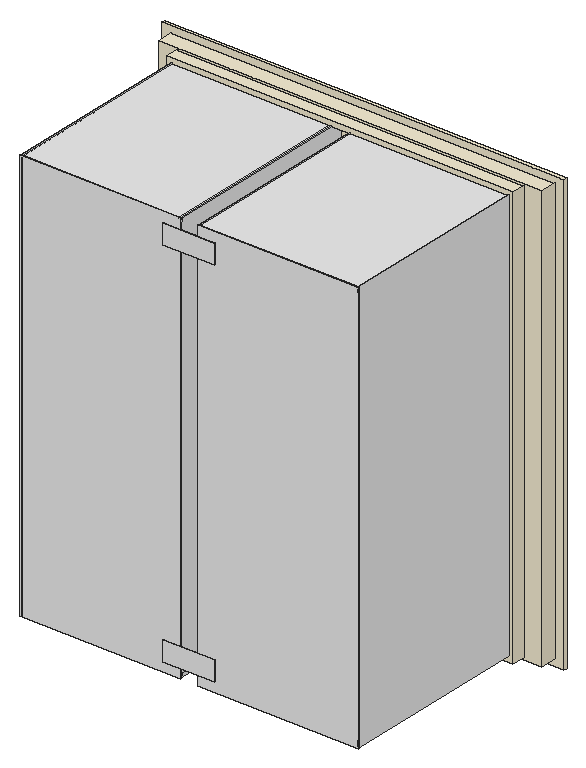
Revit family "Mailboxes_4C-Salsbury_Industries-Front_Load-9_Door_High_Units", category Specialty Equipment, host Wall, Revit 2016 (continued)
Definition of nested family "3700 Series 4C OM2 Configuration"
  Parameters (values of type "OM2-FL")
    Weight = ""
    URL = ""
    Access Lock Offset = 0.000"
    Access Lock = yes
    Model = "3700OM2-FL"
    Manufacturer = "Salsbury Industries"
    Lock Material = none
    Front Panel Material = none
    Door Width = 13.375"
    Door Number [instance] = "101"
    Door Height = 7.00047"
    Door Depth = 0.25391"
    Description = "OM2 Door for 3700 Series 4C Mailboxes-Front Loading"
    Cost = 0
    Center Lock-Vertical = 2.360"
    Center Lock-Horizontal = 1.61523"
  Types (3): name | Access Lock Offset | Access Lock | Model | Description
    (no name) | 0.000" | yes | "3700OM2-FL" | "OM2 Door for 3700 Series 4C Mailboxes-Front Loading"
    OM2-FL | 0.000" | yes | "3700OM2-FL" | "OM2 Door for 3700 Series 4C Mailboxes-Front Loading"
    OM2-RL | 0.3125" | no | "3700OM2-RL" | "OM2 Door for 3700 Series 4C Mailboxes-Rear Loading"
  Reference planes (in)
    plane 1 "Center (Front/Back)": y = 0
    plane 2 "Bottom of Door": z = 0
    plane 3 "Center (Left/Right)": x = 0
    plane 4 "Left Side Face of Door": x = -6.6875
    plane 5 "Right Side Face of Door": x = 6.6875
    plane 6 "Back Face of Door": y = 0.12695
    plane 7 "Front Face of Door": y = -0.12695
    plane 8: z = 3.23047
    plane 9: z = 1.61523
    plane 10: y = -0.46995
    plane 11 "Center Lock Vertical": x = -4.3275
    plane 12 "Center Lock Horizontal": z = 1.61523
    plane 13 "Face of Lock": y = -0.42383
    plane 14 "Divider Height Align": z = 3.50047
    plane 15 "Plate Center": x = -0.16063
    plane 16 "Left Stud Align": x = -5.7025
    plane 17 "Right Stud Align": x = -2.8895
    plane 18 "Top Stud Align": z = 2.27147
    plane 19 "Bottom Stud Align": z = 0.95947
    plane 20 "Hinge Stud Align": x = 5.6875
    plane 21 "Mail Plate Top": z = 2.61547
    plane 22 "Mail Plate Bottom": z = 0.61547
    plane 23: x = -2.1595
    plane 24: x = 1.8405
    plane 25 "Face of Mail Plate": y = -0.16602
    plane 26 "Top of Mail Drop Door": z = 6.73094
    plane 27 "Top of Mail Drop Divider": z = 7.00047
    plane 28 "Face of Mail Drop": y = -0.31995
    plane 29 "Top of Mail Slot": z = 6.42087
    plane 30 "Bottom of Mail Slot": z = 5.67087
    plane 31 "Left Edge of Mail Slot": x = -5.3755
    plane 32 "Right Edge of Mail Slot": x = 5.3755
    plane 33 "Mail Slot Bottom Protusion": z = 6.50987
    plane 34: y = -0.49395
    plane 35: z = 6.15637
    plane 36 "Front of Awning": y = -1.63495
    plane 37: y = -1.15685
    plane 38 "Mail Slot Slope": through (-240, -0.44582, 6.9722) normal (0, -0.5, 0.866)
    plane 39 "Access Lock Offset": y = 0.12695
  Forms (in)
    Extrusion 1, solid, material <- "Front Panel Material"
      sketch origin (0, 0, 0) x (1, 0, 0) y (0, 1, 0)
        loop
          line (-6.4355, 0.12695) -> (-6.6875, -0.05445) -> (-6.6875, -0.12695) -> (6.05625, -0.12695)
          arc (6.05625, -0.12695) -> (6.19558, -0.17661) -> (6.27209, -0.3032) r 0.22029
          arc (6.27209, -0.3032) -> (6.3553, -0.42132) -> (6.4925, -0.46664) r 0.23034
          arc (6.4925, -0.46664) -> (6.63039, -0.40952) -> (6.6875, -0.27164) r 0.195
          line (6.6875, -0.27164) -> (6.6875, 0.12695) -> (-6.4355, 0.12695)
      from 0 to 3.23047
    Extrusion 2, solid, material <- "Front Panel Material"
      sketch origin (0, 0, 3.50047) x (-1, 0, 0) y (0, -1, 0)
        loop
          line (6.6875, -0.12695) -> (6.6875, 0.46995) -> (-6.6875, 0.46995) -> (-6.6875, -0.12695) -> (6.6875, -0.12695)
      from -0.27 to 0
    Extrusion 3, void
      sketch origin (0, 0.12695, 0) x (0, 0, -1) y (-1, 0, 0)
        loop
          circle (-1.61523, 4.3275) r 0.4375
      from 0 to -0.25391
    Extrusion 4, solid, material <- "Lock Material", visible <- "Access Lock"
      sketch origin (0, 0.12695, 0) x (0, 0, -1) y (-1, 0, 0)
        loop
          circle (-1.61523, 4.3275) r 0.42913
      from 0 to -0.25391
    Extrusion 5, void, detail levels fine
      sketch origin (0, 0.12695, 3.4) x (-1, 0, 0) y (0, 0, 1)
        loop
          line (4.3568, -1.47517) -> (4.2982, -1.47517) -> (4.2982, -2.09436) -> (4.3568, -2.09436) -> (4.3568, -1.47517)
      from -0.12695 to -0.25391
    Blend 6, solid, material <- "Front Panel Material", detail levels medium+fine
      base sketch origin (0, -0.12695, 2.68123) x (-1, 0, 0) y (0, 0, 1)
        loop
          circle (5.7025, -0.40977) r 0.15665
      top sketch origin (0, -0.12695, 2.68123) x (-1, 0, 0) y (0, 0, 1)
        loop
          circle (5.7025, -0.40977) r 0.3125
      from -0.11328 to 0
    Blend 7, solid, material <- "Front Panel Material", detail levels medium+fine
      base sketch origin (1.3125, -0.12695, 2.68123) x (-1, 0, 0) y (0, 0, 1)
        loop
          circle (4.202, -0.40977) r 0.15665
      top sketch origin (1.3125, -0.12695, 2.68123) x (-1, 0, 0) y (0, 0, 1)
        loop
          circle (4.202, -0.40977) r 0.3125
      from -0.11328 to 0
    Blend 8, solid, material <- "Front Panel Material", detail levels medium+fine
      base sketch origin (0, -0.12695, 1.36923) x (-1, 0, 0) y (0, 0, 1)
        loop
          circle (5.7025, -0.40977) r 0.15665
      top sketch origin (0, -0.12695, 1.36923) x (-1, 0, 0) y (0, 0, 1)
        loop
          circle (5.7025, -0.40977) r 0.3125
      from -0.11328 to 0
    Blend 9, solid, material <- "Front Panel Material", detail levels medium+fine
      base sketch origin (1.3125, -0.12695, 1.36923) x (-1, 0, 0) y (0, 0, 1)
        loop
          circle (4.202, -0.40977) r 0.15665
      top sketch origin (1.3125, -0.12695, 1.36923) x (-1, 0, 0) y (0, 0, 1)
        loop
          circle (4.202, -0.40977) r 0.3125
      from -0.11328 to 0
    Blend 10, solid, material <- "Front Panel Material", detail levels medium+fine
      base sketch origin (9.8895, -0.12695, 2.68123) x (-1, 0, 0) y (0, 0, 1)
        loop
          circle (4.202, -0.40977) r 0.15665
      top sketch origin (9.8895, -0.12695, 2.68123) x (-1, 0, 0) y (0, 0, 1)
        loop
          circle (4.202, -0.40977) r 0.3125
      from -0.11328 to 0
    Blend 11, solid, material <- "Front Panel Material", detail levels medium+fine
      base sketch origin (9.8895, -0.12695, 1.36923) x (-1, 0, 0) y (0, 0, 1)
        loop
          circle (4.202, -0.40977) r 0.15665
      top sketch origin (9.8895, -0.12695, 1.36923) x (-1, 0, 0) y (0, 0, 1)
        loop
          circle (4.202, -0.40977) r 0.3125
      from -0.11328 to 0
    Extrusion 12, solid, material <- "Lock Material"
      sketch origin (0, -0.12695, 0) x (-1, 0, 0) y (0, 0, 1)
        loop
          line (1.96028, 2.61547) -> (-1.64128, 2.61547)
          arc (-1.64128, 2.61547) -> (-1.78215, 2.55712) -> (-1.8405, 2.41625) r 0.19922
          line (-1.8405, 2.41625) -> (-1.8405, 0.81469)
          arc (-1.8405, 0.81469) -> (-1.78215, 0.67382) -> (-1.64128, 0.61547) r 0.19922
          line (-1.64128, 0.61547) -> (1.96028, 0.61547)
          arc (1.96028, 0.61547) -> (2.10115, 0.67382) -> (2.1595, 0.81469) r 0.19922
          line (2.1595, 0.81469) -> (2.1595, 2.41625)
          arc (2.1595, 2.41625) -> (2.10115, 2.55712) -> (1.96028, 2.61547) r 0.19922
      from 0 to -0.03906
    Extrusion 13, solid, material <- "Front Panel Material"
      sketch origin (-2.13946, 0, 3.50047) x (-1, 0, 0) y (0, -1, 0)
        loop
          line (4.54804, -0.12695) -> (4.54804, 0.31995) -> (-8.82696, 0.31995) -> (-8.82696, -0.12695) -> (4.54804, -0.12695)
      from 0 to 3.0094
    Extrusion 14, void
      sketch origin (0, -0.31995, 0) x (0, 0, -1) y (-1, 0, 0)
        loop
          arc (-5.67087, 5.0005) -> (-6.04587, 5.3755) -> (-6.42087, 5.0005) r 0.375
          line (-6.42087, 5.0005) -> (-6.42087, -5.0005)
          arc (-6.42087, -5.0005) -> (-6.04587, -5.3755) -> (-5.67087, -5.0005) r 0.375
          line (-5.67087, -5.0005) -> (-5.67087, 5.0005)
      from 0 to 0.44691
    Extrusion 15, solid, material <- "Front Panel Material"
      sketch origin (0, 0, 0) x (0, 1, 0) y (0, 0, 1)
        loop
          line (0.12695, 6.50987) -> (0.12695, 7.00047) -> (-0.46995, 7.00047) -> (-0.75605, 6.83078) -> (-0.73973, 6.80251) -> (-1.27431, 6.49388) -> (-1.29063, 6.52214) -> (-1.61027, 6.3376)
          arc (-1.61027, 6.3376) -> (-1.63087, 6.31111) -> (-1.62714, 6.27777) r 0.04454
          line (-1.62714, 6.27777) -> (-1.5282, 6.17883)
          arc (-1.5282, 6.17883) -> (-1.4937, 6.16211) -> (-1.4558, 6.15637) r 0.12791
          line (-1.4558, 6.15637) -> (-1.10623, 6.15637) -> (-0.49395, 6.50987) -> (0.12695, 6.50987)
      from -6.6875 to 6.6875
  Cuts and joins
    Extrusion 3 cuts Extrusion 1
    Extrusion 5 cuts Extrusion 4
    Extrusion 14 cuts Extrusion 13
  Lines and regions (in)
    symbolic lines
      curve 1: circle (-5.7025, -0.12695, 2.27147) r 0.3125 normal (0, 1, 0)
      curve 2: circle (-5.7025, -0.12695, 0.95947) r 0.3125 normal (0, 1, 0)
      curve 3: circle (-2.8895, -0.12695, 0.95947) r 0.3125 normal (0, 1, 0)
      curve 4: circle (-2.8895, -0.12695, 2.27147) r 0.3125 normal (0, 1, 0)
      curve 5: circle (-4.3275, -0.12695, 1.61523) r 0.42913 normal (0, 1, 0)
      curve 6: circle (5.6875, -0.12695, 0.95947) r 0.3125 normal (0, 1, 0)
      curve 7: circle (5.6875, -0.12695, 2.27147) r 0.3125 normal (0, 1, 0)
      curve 8: arc (-2.1595, -0.12695, 2.41625) -> (-2.10115, -0.12695, 2.55712) -> (-1.96028, -0.12695, 2.61547) r 0.19922
      curve 9: arc (1.8405, -0.12695, 2.41625) -> (1.78215, -0.12695, 2.55712) -> (1.64128, -0.12695, 2.61547) r 0.19922
      curve 10: arc (1.8405, -0.12695, 0.81469) -> (1.78215, -0.12695, 0.67382) -> (1.64128, -0.12695, 0.61547) r 0.19922
      curve 11: arc (-1.96028, -0.12695, 0.61547) -> (-2.10115, -0.12695, 0.67382) -> (-2.1595, -0.12695, 0.81469) r 0.19922
      curve 12: line (-2.1595, -0.12695, 0.81469) -> (-2.1595, -0.12695, 2.41625)
      curve 13: line (-1.96028, -0.12695, 2.61547) -> (1.64128, -0.12695, 2.61547)
      curve 14: line (1.8405, -0.12695, 2.41625) -> (1.8405, -0.12695, 0.81469)
      curve 15: line (1.64128, -0.12695, 0.61547) -> (-1.96028, -0.12695, 0.61547)
  Dimensions and locks (in)
    equal spacing: plane 6 "Back Face of Door", plane 1 "Center (Front/Back)", plane 7 "Front Face of Door"
    "Door Depth": plane 6 "Back Face of Door" to plane 7 "Front Face of Door"
    equal spacing: plane 4 "Left Side Face of Door", plane 3 "Center (Left/Right)", plane 5 "Right Side Face of Door"
    "Door Width": plane 4 "Left Side Face of Door" to plane 5 "Right Side Face of Door"
    plane 8 to level = 3.23047"
    equal spacing: plane 8, plane 9, level
    locked: plane 7 "Front Face of Door" to plane 10 at 0.343
    "Center Lock-Vertical": plane 4 "Left Side Face of Door" to plane 11 "Center Lock Vertical"
    "Center Lock-Horizontal": plane 8 to plane 12 "Center Lock Horizontal"
    locked: plane 14 "Divider Height Align" to plane 8 at 0.27
    plane 4 "Left Side Face of Door" to plane 16 "Left Stud Align" to plane 17 "Right Stud Align" = 0.985", 2.813"
    plane 8 to plane 18 "Top Stud Align" to plane 19 "Bottom Stud Align" = 0.959", 1.312"
    plane 20 "Hinge Stud Align" to plane 5 "Right Side Face of Door" = 1.000"
    plane 8 to plane 21 "Mail Plate Top" to plane 22 "Mail Plate Bottom" = 0.615", 2.000"
    plane 4 "Left Side Face of Door" to plane 23 to plane 24 = 4.528", 4.000"
    plane 27 "Top of Mail Drop Divider" to plane 26 "Top of Mail Drop Door" to plane 14 "Divider Height Align" = 0.26953" locked, 3.23047"
    "Door Height": plane 27 "Top of Mail Drop Divider" to level
    plane 28 "Face of Mail Drop" to plane 10 = 0.150"
    locked: plane 27 "Top of Mail Drop Divider" to plane 29 "Top of Mail Slot" at 0.5796
    locked: plane 29 "Top of Mail Slot" to plane 30 "Bottom of Mail Slot" at 0.75
    locked: plane 4 "Left Side Face of Door" to plane 31 "Left Edge of Mail Slot" at 1.312
    locked: plane 32 "Right Edge of Mail Slot" to plane 5 "Right Side Face of Door" at 1.312
    locked: plane 33 "Mail Slot Bottom Protusion" to plane 29 "Top of Mail Slot" at 0.089
    plane 28 "Face of Mail Drop" to plane 34 = 0.174"
    plane 33 "Mail Slot Bottom Protusion" to plane 35 = 0.3535"
    plane 28 "Face of Mail Drop" to plane 36 "Front of Awning" = 1.315"
    plane 4 "Left Side Face of Door" to plane 5 "Right Side Face of Door" = 13.375"
    plane 6 "Back Face of Door" to plane 36 "Front of Awning" = 1.76191"
    "Access Lock Offset": plane 39 "Access Lock Offset" to plane 6 "Back Face of Door"
    aligned and locked: level to plane 2 "Bottom of Door"
    aligned and locked: plane 4 "Left Side Face of Door" to Extrusion 1
    aligned and locked: plane 6 "Back Face of Door" to Extrusion 1
    aligned and locked: plane 7 "Front Face of Door" to Extrusion 1
    aligned and locked: Extrusion 1 to level
    aligned and locked: plane 8 to Extrusion 1
    aligned and locked: Extrusion 2 sketch curve to plane 4 "Left Side Face of Door"
    aligned and locked: Extrusion 2 sketch curve to plane 6 "Back Face of Door"
    aligned and locked: plane 5 "Right Side Face of Door" to Extrusion 2 sketch curve
    aligned and locked: Extrusion 2 to plane 8
    aligned and locked: plane 10 to Extrusion 2 sketch curve
    aligned and locked: plane 14 "Divider Height Align" to Extrusion 2
    aligned and locked: plane 4 "Left Side Face of Door" to Extrusion 2
    aligned and locked: Extrusion 2 to plane 5 "Right Side Face of Door"
    aligned and locked: Extrusion 13 to plane 28 "Face of Mail Drop"
    aligned and locked: plane 29 "Top of Mail Slot" to Extrusion 14 sketch curve
    aligned and locked: cut or joined group of Extrusion 13, Extrusion 14 to cut or joined group of Extrusion 13, Extrusion 14
    aligned and locked: cut or joined group of Extrusion 1, Extrusion 3 to plane 2 "Bottom of Door"
  Automatic sketch dimensions
    Extrusion 1 sketch curve to plane 4 "Left Side Face of Door" = 0.000"
    Extrusion 1 sketch curve to plane 6 "Back Face of Door" = 0.000"
    Extrusion 1 sketch curve to plane 7 "Front Face of Door" = 0.000"
    Extrusion 1 sketch curve to plane 5 "Right Side Face of Door" = 0.000"
    Extrusion 1 sketch curve to plane 4 "Left Side Face of Door" = 0.252"
    Extrusion 1 sketch curve to plane 20 "Hinge Stud Align" = 0.36875"
    Extrusion 1 sketch curve to plane 25 "Face of Mail Plate" = 0.07029"
    plane 5 "Right Side Face of Door" to Extrusion 1 sketch curve = 0.195"
    Extrusion 1 sketch curve to plane 25 "Face of Mail Plate" = 0.10562"
    Extrusion 1 sketch curve to plane 13 "Face of Lock" = 0.07658"
    plane 1 "Center (Front/Back)" to Extrusion 1 sketch curve = 0.05445"
    Extrusion 1 sketch curve to plane 13 "Face of Lock" = 0.12063"
    Extrusion 5 sketch curve to plane 11 "Center Lock Vertical" = 0.0293"
    plane 11 "Center Lock Vertical" to Extrusion 5 sketch curve = 0.0293"
    Extrusion 5 sketch curve to plane 9 = 0.30959"
    plane 9 to Extrusion 5 sketch curve = 0.30959"
    plane 16 "Left Stud Align" to Blend 6 sketch curve = 0.000"  (x2)
    Blend 6 sketch curve to plane 18 "Top Stud Align" = 0.000"  (x2)
    plane 17 "Right Stud Align" to Blend 7 sketch curve = 0.000"  (x2)
    Blend 7 sketch curve to plane 18 "Top Stud Align" = 0.000"  (x2)
    plane 16 "Left Stud Align" to Blend 8 sketch curve = 0.000"  (x2)
    Blend 8 sketch curve to plane 19 "Bottom Stud Align" = 0.000"  (x2)
    plane 17 "Right Stud Align" to Blend 9 sketch curve = 0.000"  (x2)
    Blend 9 sketch curve to plane 19 "Bottom Stud Align" = 0.000"  (x2)
    Blend 10 sketch curve to plane 18 "Top Stud Align" = 0.000"  (x2)
    plane 20 "Hinge Stud Align" to Blend 10 sketch curve = 0.000"  (x2)
    Blend 11 sketch curve to plane 19 "Bottom Stud Align" = 0.000"  (x2)
    plane 20 "Hinge Stud Align" to Blend 11 sketch curve = 0.000"  (x2)
    plane 24 to Extrusion 12 sketch curve = 0.000"
    Extrusion 12 sketch curve to plane 22 "Mail Plate Bottom" = 0.000"
    Extrusion 12 sketch curve to plane 21 "Mail Plate Top" = 0.000"
    plane 23 to Extrusion 12 sketch curve = 0.000"
    plane 24 to Extrusion 12 sketch curve = 0.19922"  (x2)
    plane 18 "Top Stud Align" to Extrusion 12 sketch curve = 0.14478"
    Extrusion 12 sketch curve to plane 23 = 0.19922"
    Extrusion 13 sketch curve to plane 5 "Right Side Face of Door" = 0.000"
    Extrusion 13 sketch curve to plane 4 "Left Side Face of Door" = 0.000"
    Extrusion 13 sketch curve to plane 6 "Back Face of Door" = 0.000"
    Extrusion 13 sketch curve to plane 7 "Front Face of Door" = 0.193"
    Extrusion 14 sketch curve to plane 30 "Bottom of Mail Slot" = 0.000"
    plane 32 "Right Edge of Mail Slot" to Extrusion 14 sketch curve = 0.375"
    Extrusion 14 sketch curve to plane 31 "Left Edge of Mail Slot" = 0.375"
    Extrusion 15 sketch curve to plane 35 = 0.000"
    Extrusion 15 sketch curve to plane 33 "Mail Slot Bottom Protusion" = 0.000"
    Extrusion 15 sketch curve to plane 34 = 0.000"
    Extrusion 15 sketch curve to plane 27 "Top of Mail Drop Divider" = 0.000"
    Extrusion 15 sketch curve to plane 6 "Back Face of Door" = 0.000"
    plane 26 "Top of Mail Drop Door" to Extrusion 15 sketch curve = 0.07158"
    Extrusion 15 sketch curve to plane 34 = 0.24578"
    plane 26 "Top of Mail Drop Door" to Extrusion 15 sketch curve = 0.09984"
    Extrusion 15 sketch curve to Extrusion 15 sketch curve = 0.01632"
    plane 37 to Extrusion 15 sketch curve = 0.05062"
    Extrusion 15 sketch curve to plane 33 "Mail Slot Bottom Protusion" = 0.01599"
    plane 33 "Mail Slot Bottom Protusion" to Extrusion 15 sketch curve = 0.01227"
    plane 36 "Front of Awning" to Extrusion 15 sketch curve = 0.17915"
    plane 35 to Extrusion 15 sketch curve = 0.02246"
    Extrusion 15 sketch curve to Extrusion 15 sketch curve = 0.0724"
    plane 36 "Front of Awning" to Extrusion 15 sketch curve = 0.04696"
    plane 36 "Front of Awning" to Extrusion 15 sketch curve = 0.02469"
    plane 36 "Front of Awning" to Extrusion 15 sketch curve = 0.00781"
    Extrusion 15 sketch curve to Extrusion 15 sketch curve = 0.05983"
    Extrusion 4 sketch curve to plane 9 = 0.000"
    plane 11 "Center Lock Vertical" to Extrusion 4 sketch curve = 0.000"
    Extrusion 3 sketch curve to plane 9 = 0.000"
    plane 11 "Center Lock Vertical" to Extrusion 3 sketch curve = 0.000"
    curve 6 to plane 19 "Bottom Stud Align" = 0.000"
    plane 20 "Hinge Stud Align" to curve 6 = 0.000"
    curve 7 to plane 18 "Top Stud Align" = 0.000"
    plane 20 "Hinge Stud Align" to curve 7 = 0.000"
    plane 24 to curve 14 = 0.000"
    curve 9 to plane 21 "Mail Plate Top" = 0.000"
    curve 11 to plane 22 "Mail Plate Bottom" = 0.000"
    plane 23 to curve 12 = 0.000"
    plane 17 "Right Stud Align" to curve 4 = 0.000"
    plane 17 "Right Stud Align" to curve 3 = 0.000"
    curve 5 to plane 9 = 0.000"
    plane 11 "Center Lock Vertical" to curve 5 = 0.000"
    plane 16 "Left Stud Align" to curve 1 = 0.000"
    plane 16 "Left Stud Align" to curve 2 = 0.000"
    curve 2 to plane 19 "Bottom Stud Align" = 0.000"
    curve 3 to plane 19 "Bottom Stud Align" = 0.000"
    curve 1 to plane 18 "Top Stud Align" = 0.000"
    curve 4 to plane 18 "Top Stud Align" = 0.000"
    plane 18 "Top Stud Align" to curve 9 = 0.14478"
    curve 10 to plane 19 "Bottom Stud Align" = 0.14478"
    plane 18 "Top Stud Align" to curve 8 = 0.14478"
    curve 11 to plane 19 "Bottom Stud Align" = 0.14478"
    radius of Blend 6 sketch curve = 0.15665"
    radius of Blend 6 sketch curve = 0.3125"
    radius of Blend 7 sketch curve = 0.15665"
    radius of Blend 7 sketch curve = 0.3125"
    radius of Blend 8 sketch curve = 0.15665"
    radius of Blend 8 sketch curve = 0.3125"
    radius of Blend 9 sketch curve = 0.15665"
    radius of Blend 9 sketch curve = 0.3125"
    radius of Blend 10 sketch curve = 0.15665"
    radius of Blend 10 sketch curve = 0.3125"
    radius of Blend 11 sketch curve = 0.15665"
    radius of Blend 11 sketch curve = 0.3125"
    radius of Extrusion 4 sketch curve = 0.42913"
    radius of Extrusion 3 sketch curve = 0.4375"
    radius of curve 1 = 0.3125"
    radius of curve 2 = 0.3125"
    radius of curve 3 = 0.3125"
    radius of curve 4 = 0.3125"
    radius of curve 5 = 0.42913"
    radius of curve 6 = 0.3125"
    radius of curve 7 = 0.3125"
Types (13): name | Width | Vertical Center Divider | Type Comments | Top Back Plate | Right Inside Wall | Model | Left Inside Wall | Door Slot R9 Number | Door Slot R9 | Door Slot R8 Number | Door Slot R8 | Door Slot R7 Number | Door Slot R7 | Door Slot R6 Number | Door Slot R6 | Door Slot R5 | Door Slot R4 Number | Door Slot R4 | Door Slot R3 Number | Door Slot R3 | Door Slot R2 Number | Door Slot R2 | Door Slot R1 Number | Door Slot R1 | Door Slot L9 Number | Door Slot L9 | Door Slot L8 Number | Door Slot L8 | Door Slot L7 Number | Door Slot L7 | Door Slot L6 Number | Door Slot L6 | Door Slot L5 Number | Door Slot L5 | Door Slot L4 Number | Door Slot L4 | Door Slot L3 Number | Door Slot L3 | Door Slot L2 Number | Door Slot L2 | Door Slot L1 Number | Door Slot L1 | Description | Center Extrusion Offset | Bottom Back Plate | Above Finished Floor (AFF-Bottom of Unit) | Above Finished Floor (AFF-Bottom Shelf)
  3709S-1B FL | 16.344" | no | "4C Horizontal Receptacle Bin - Front Loading" | no | no | "3709S-1B FL" | no | "0" | 4C-9 Door High Receptacle : 4C-9 Door High Receptacle | "0" | 3700 Series 4C Door Configurations : Empty | "0" | 3700 Series 4C Door Configurations : Empty | "0" | 3700 Series 4C Door Configurations : Empty | 3700 Series 4C Door Configurations : Empty | "0" | 3700 Series 4C Door Configurations : Empty | "0" | 3700 Series 4C Door Configurations : Empty | "0" | 3700 Series 4C Door Configurations : Empty | "0" | 3700 Series 4C Door Configurations : Empty | "0" | 3700 Series 4C Door Configurations : Empty | "0" | 3700 Series 4C Door Configurations : Empty | "0" | 3700 Series 4C Door Configurations : Empty | "0" | 3700 Series 4C Door Configurations : Empty | "0" | 3700 Series 4C Door Configurations : Empty | "0" | 3700 Series 4C Door Configurations : Empty | "0" | 3700 Series 4C Door Configurations : Empty | "0" | 3700 Series 4C Door Configurations : Empty | "0" | 3700 Series 4C Door Configurations : Empty | "9 Door High Unit" | 48.000" | no | 13.683" | 15.000"
  3709S-1C FL | 16.344" | no | "4C Horizontal Collection Box - Front Loading" | no | no | "3709S-1C FL" | no | "0" | 4C-9 Door High Collection Box : 4C-9 Door High Collection Box | "0" | 3700 Series 4C Door Configurations : Empty | "0" | 3700 Series 4C Door Configurations : Empty | "0" | 3700 Series 4C Door Configurations : Empty | 3700 Series 4C Door Configurations : Empty | "0" | 3700 Series 4C Door Configurations : Empty | "0" | 3700 Series 4C Door Configurations : Empty | "0" | 3700 Series 4C Door Configurations : Empty | "0" | 3700 Series 4C Door Configurations : Empty | "0" | 3700 Series 4C Door Configurations : Empty | "0" | 3700 Series 4C Door Configurations : Empty | "0" | 3700 Series 4C Door Configurations : Empty | "0" | 3700 Series 4C Door Configurations : Empty | "0" | 3700 Series 4C Door Configurations : Empty | "0" | 3700 Series 4C Door Configurations : Empty | "0" | 3700 Series 4C Door Configurations : Empty | "0" | 3700 Series 4C Door Configurations : Empty | "0" | 3700 Series 4C Door Configurations : Empty | "9 Door High Unit" | 48.000" | no | 13.683" | 15.000"
  3709D-16 FL | 31.09766" | yes | "4C Standard Horizontal Mailbox - Front Loading" | yes | yes | "3709D-16 FL" | yes | "16" | 3700 Series 4C Door Configurations : MB1 Door w/ Divider | "15" | 3700 Series 4C Door Configurations : MB1 Door w/ Divider | "14" | 3700 Series 4C Door Configurations : MB1 Door w/ Divider | "13" | 3700 Series 4C Door Configurations : MB1 Door w/ Divider | 3700 Series 4C OM2 Configuration : OM2-FL | "0" | 3700 Series 4C Door Configurations : Empty | "12" | 3700 Series 4C Door Configurations : MB1 Door w/ Divider | "11" | 3700 Series 4C Door Configurations : MB1 Door w/ Divider | "10" | 3700 Series 4C Door Configurations : MB1 Door | "9" | 3700 Series 4C Door Configurations : MB1 Door w/ Divider | "8" | 3700 Series 4C Door Configurations : MB1 Door w/ Divider | "7" | 3700 Series 4C Door Configurations : MB1 Door w/ Divider | "6" | 3700 Series 4C Door Configurations : MB1 Door w/ Divider | "5" | 3700 Series 4C Door Configurations : MB1 Door w/ Divider | "4" | 3700 Series 4C Door Configurations : MB1 Door w/ Divider | "3" | 3700 Series 4C Door Configurations : MB1 Door w/ Divider | "2" | 3700 Series 4C Door Configurations : MB1 Door w/ Divider | "1" | 3700 Series 4C Door Configurations : MB1 Door | "9 Door High Unit:  16 MB1, OM2" | 0.000" | yes | 26.683" | 28.000"
  3709S-07 FL | 16.344" | yes | "4C Standard Horizontal Mailbox - Front Loading" | yes | yes | "3709S-07 FL" | yes | "7" | 3700 Series 4C Door Configurations : MB1 Door w/ Divider | "6" | 3700 Series 4C Door Configurations : MB1 Door w/ Divider | "5" | 3700 Series 4C Door Configurations : MB1 Door w/ Divider | "4" | 3700 Series 4C Door Configurations : MB1 Door w/ Divider | 3700 Series 4C OM2 Configuration : OM2-FL | "0" | 3700 Series 4C Door Configurations : Empty | "3" | 3700 Series 4C Door Configurations : MB1 Door w/ Divider | "2" | 3700 Series 4C Door Configurations : MB1 Door w/ Divider | "1" | 3700 Series 4C Door Configurations : MB1 Door | "0" | 3700 Series 4C Door Configurations : Empty | "0" | 3700 Series 4C Door Configurations : Empty | "0" | 3700 Series 4C Door Configurations : Empty | "0" | 3700 Series 4C Door Configurations : Empty | "0" | 3700 Series 4C Door Configurations : Empty | "0" | 3700 Series 4C Door Configurations : Empty | "0" | 3700 Series 4C Door Configurations : Empty | "0" | 3700 Series 4C Door Configurations : Empty | "0" | 3700 Series 4C Door Configurations : Empty | "9 Door High Unit:  7 MB1, OM2" | 0.000" | yes | 26.683" | 28.000"
  3709D-15 FL | 31.09766" | yes | "4C Standard Horizontal Mailbox - Front Loading" | yes | yes | "3709D-15 FL" | yes | "15" | 3700 Series 4C Door Configurations : MB1 Door w/ Divider | "14" | 3700 Series 4C Door Configurations : MB1 Door w/ Divider | "13" | 3700 Series 4C Door Configurations : MB1 Door w/ Divider | "0" | 3700 Series 4C OM3 Configuration : OM3-FL | 3700 Series 4C Door Configurations : Empty | "0" | 3700 Series 4C Door Configurations : Empty | "12" | 3700 Series 4C Door Configurations : MB1 Door w/ Divider | "11" | 3700 Series 4C Door Configurations : MB1 Door w/ Divider | "10" | 3700 Series 4C Door Configurations : MB1 Door | "9" | 3700 Series 4C Door Configurations : MB1 Door w/ Divider | "8" | 3700 Series 4C Door Configurations : MB1 Door w/ Divider | "7" | 3700 Series 4C Door Configurations : MB1 Door w/ Divider | "6" | 3700 Series 4C Door Configurations : MB1 Door w/ Divider | "5" | 3700 Series 4C Door Configurations : MB1 Door w/ Divider | "4" | 3700 Series 4C Door Configurations : MB1 Door w/ Divider | "3" | 3700 Series 4C Door Configurations : MB1 Door w/ Divider | "2" | 3700 Series 4C Door Configurations : MB1 Door w/ Divider | "1" | 3700 Series 4C Door Configurations : MB1 Door | "9 Door High Unit:  15 MB1, OM3" | 0.000" | yes | 26.683" | 28.000"
  3709D-10 FL | 31.09766" | yes | "4C Standard Horizontal Mailbox - Front Loading" | yes | yes | "3709D-10 FL" | yes | "10" | 3700 Series 4C Door Configurations : MB1 Door w/ Divider | "9" | 3700 Series 4C Door Configurations : MB1 Door w/ Divider | "8" | 3700 Series 4C Door Configurations : MB1 Door w/ Divider | "7" | 3700 Series 4C Door Configurations : MB1 Door w/ Divider | 3700 Series 4C OM2 Configuration : OM2-FL | "0" | 3700 Series 4C Door Configurations : Empty | "6" | 3700 Series 4C Door Configurations : MB1 Door w/ Divider | "5" | 3700 Series 4C Door Configurations : MB1 Door w/ Divider | "4" | 3700 Series 4C Door Configurations : MB1 Door | "1P" | 3700 Series 4C Parcel Configurations : PL6 w/ Divider | "0" | 3700 Series 4C Door Configurations : Empty | "0" | 3700 Series 4C Door Configurations : Empty | "0" | 3700 Series 4C Door Configurations : Empty | "0" | 3700 Series 4C Door Configurations : Empty | "0" | 3700 Series 4C Door Configurations : Empty | "3" | 3700 Series 4C Door Configurations : MB1 Door w/ Divider | "2" | 3700 Series 4C Door Configurations : MB1 Door w/ Divider | "1" | 3700 Series 4C Door Configurations : MB1 Door | "9 Door High Unit:  10 MB1, 1 PL6, OM2" | 0.000" | yes | 26.683" | 28.000"
  3709D-06 FL | 31.09766" | yes | "4C Standard Horizontal Mailbox - Front Loading" | yes | yes | "3709D-06 FL" | yes | "6" | 3700 Series 4C Door Configurations : MB3 Door w/ Divider | "0" | 3700 Series 4C Door Configurations : Empty | "0" | 3700 Series 4C Door Configurations : Empty | "5" | 3700 Series 4C Door Configurations : MB1 Door w/ Divider | 3700 Series 4C OM2 Configuration : OM2-FL | "0" | 3700 Series 4C Door Configurations : Empty | "4" | 3700 Series 4C Door Configurations : MB3 Door | "0" | 3700 Series 4C Door Configurations : Empty | "0" | 3700 Series 4C Door Configurations : Empty | "3" | 3700 Series 4C Door Configurations : MB3 Door w/ Divider | "0" | 3700 Series 4C Door Configurations : Empty | "0" | 3700 Series 4C Door Configurations : Empty | "2" | 3700 Series 4C Door Configurations : MB3 Door w/ Divider | "0" | 3700 Series 4C Door Configurations : Empty | "0" | 3700 Series 4C Door Configurations : Empty | "1" | 3700 Series 4C Door Configurations : MB3 Door | "0" | 3700 Series 4C Door Configurations : Empty | "0" | 3700 Series 4C Door Configurations : Empty | "9 Door High Unit:  1 MB1, 5 MB3, OM2" | 0.000" | yes | 26.683" | 28.000"
  3709D-05 FL | 31.09766" | yes | "4C Standard Horizontal Mailbox - Front Loading" | yes | yes | "3709D-05 FL" | yes | "5" | 3700 Series 4C Door Configurations : MB3 Door w/ Divider | "0" | 3700 Series 4C Door Configurations : Empty | "0" | 3700 Series 4C Door Configurations : Empty | "0" | 3700 Series 4C OM3 Configuration : OM3-FL | 3700 Series 4C Door Configurations : Empty | "0" | 3700 Series 4C Door Configurations : Empty | "4" | 3700 Series 4C Door Configurations : MB3 Door | "0" | 3700 Series 4C Door Configurations : Empty | "0" | 3700 Series 4C Door Configurations : Empty | "3" | 3700 Series 4C Door Configurations : MB3 Door w/ Divider | "0" | 3700 Series 4C Door Configurations : Empty | "0" | 3700 Series 4C Door Configurations : Empty | "2" | 3700 Series 4C Door Configurations : MB3 Door w/ Divider | "0" | 3700 Series 4C Door Configurations : Empty | "0" | 3700 Series 4C Door Configurations : Empty | "1" | 3700 Series 4C Door Configurations : MB3 Door | "0" | 3700 Series 4C Door Configurations : Empty | "0" | 3700 Series 4C Door Configurations : Empty | "9 Door High Unit:  5 MB3, OM3" | 0.000" | yes | 26.683" | 28.000"
  3709D-03 FL | 31.09766" | yes | "4C Standard Horizontal Mailbox - Front Loading" | yes | yes | "3709D-03 FL" | yes | "3" | 3700 Series 4C Door Configurations : MB3 Door w/ Divider | "0" | 3700 Series 4C Door Configurations : Empty | "0" | 3700 Series 4C Door Configurations : Empty | "0" | 3700 Series 4C OM3 Configuration : OM3-FL | 3700 Series 4C Door Configurations : Empty | "0" | 3700 Series 4C Door Configurations : Empty | "2" | 3700 Series 4C Door Configurations : MB3 Door | "0" | 3700 Series 4C Door Configurations : Empty | "0" | 3700 Series 4C Door Configurations : Empty | "1P" | 3700 Series 4C Parcel Configurations : PL6 w/ Divider | "0" | 3700 Series 4C Door Configurations : Empty | "0" | 3700 Series 4C Door Configurations : Empty | "0" | 3700 Series 4C Door Configurations : Empty | "0" | 3700 Series 4C Door Configurations : Empty | "0" | 3700 Series 4C Door Configurations : Empty | "1" | 3700 Series 4C Door Configurations : MB3 Door | "0" | 3700 Series 4C Door Configurations : Empty | "0" | 3700 Series 4C Door Configurations : Empty | "9 Door High Unit:  3 MB3, 1 PL6, OM3" | 0.000" | yes | 26.683" | 28.000"
  3709D-4P FL | 31.09766" | yes | "4C Standard Horizontal Mailbox - Front Loading" | yes | yes | "3709D-4P FL" | yes | "4P" | 3700 Series 4C Parcel Configurations : PL5 w/ Divider | "0" | 3700 Series 4C Door Configurations : Empty | "0" | 3700 Series 4C Door Configurations : Empty | "0" | 3700 Series 4C Door Configurations : Empty | 3700 Series 4C Door Configurations : Empty | "3P" | 3700 Series 4C Parcel Configurations : PL4 | "0" | 3700 Series 4C Door Configurations : Empty | "0" | 3700 Series 4C Door Configurations : Empty | "0" | 3700 Series 4C Door Configurations : Empty | "2P" | 3700 Series 4C Parcel Configurations : PL5 w/ Divider | "0" | 3700 Series 4C Door Configurations : Empty | "0" | 3700 Series 4C Door Configurations : Empty | "0" | 3700 Series 4C Door Configurations : Empty | "0" | 3700 Series 4C Door Configurations : Empty | "1P" | 3700 Series 4C Parcel Configurations : PL4 | "0" | 3700 Series 4C Door Configurations : Empty | "0" | 3700 Series 4C Door Configurations : Empty | "0" | 3700 Series 4C Door Configurations : Empty | "9 Door High Unit:  2 PL4, 2 PL5" | 0.000" | yes | 13.683" | 15.000"
  3709S-02 FL | 16.344" | yes | "4C Standard Horizontal Mailbox - Front Loading" | yes | yes | "3709S-02 FL" | yes | "1P" | 3700 Series 4C Parcel Configurations : PL5 w/ Divider | "0" | 3700 Series 4C Door Configurations : Empty | "0" | 3700 Series 4C Door Configurations : Empty | "0" | 3700 Series 4C Door Configurations : Empty | 3700 Series 4C Door Configurations : Empty | "0" | 3700 Series 4C OM2 Configuration : OM2-FL | "0" | 3700 Series 4C Door Configurations : Empty | "2" | 3700 Series 4C Door Configurations : MB1 Door w/ Divider | "1" | 3700 Series 4C Door Configurations : MB1 Door | "0" | 3700 Series 4C Door Configurations : Empty | "0" | 3700 Series 4C Door Configurations : Empty | "0" | 3700 Series 4C Door Configurations : Empty | "0" | 3700 Series 4C Door Configurations : Empty | "0" | 3700 Series 4C Door Configurations : Empty | "0" | 3700 Series 4C Door Configurations : Empty | "0" | 3700 Series 4C Door Configurations : Empty | "0" | 3700 Series 4C Door Configurations : Empty | "0" | 3700 Series 4C Door Configurations : Empty | "9 Door High Unit:  2 MB1, 1 PL5, OM2" | 0.000" | yes | 13.683" | 15.000"
  3709S-2P FL | 16.344" | yes | "4C Standard Horizontal Mailbox - Front Loading" | yes | yes | "3709S-2P FL" | yes | "2P" | 3700 Series 4C Parcel Configurations : PL5 w/ Divider | "0" | 3700 Series 4C Door Configurations : Empty | "0" | 3700 Series 4C Door Configurations : Empty | "0" | 3700 Series 4C Door Configurations : Empty | 3700 Series 4C Door Configurations : Empty | "1P" | 3700 Series 4C Parcel Configurations : PL4 | "0" | 3700 Series 4C Door Configurations : Empty | "0" | 3700 Series 4C Door Configurations : Empty | "0" | 3700 Series 4C Door Configurations : Empty | "0" | 3700 Series 4C Door Configurations : Empty | "0" | 3700 Series 4C Door Configurations : Empty | "0" | 3700 Series 4C Door Configurations : Empty | "0" | 3700 Series 4C Door Configurations : Empty | "0" | 3700 Series 4C Door Configurations : Empty | "0" | 3700 Series 4C Door Configurations : Empty | "0" | 3700 Series 4C Door Configurations : Empty | "0" | 3700 Series 4C Door Configurations : Empty | "0" | 3700 Series 4C Door Configurations : Empty | "9 Door High Unit:  1 PL4, 1 PL5" | 0.000" | yes | 13.683" | 15.000"
  3709D-04 FL | 31.09766" | yes | "4C Standard Horizontal Mailbox - Front Loading" | yes | yes | "3709D-04 FL" | yes | "4" | 3700 Series 4C Door Configurations : MB3 Door w/ Divider | "0" | 3700 Series 4C Door Configurations : Empty | "0" | 3700 Series 4C Door Configurations : Empty | "3" | 3700 Series 4C Door Configurations : MB1 Door w/ Divider | 3700 Series 4C OM2 Configuration : OM2-FL | "0" | 3700 Series 4C Door Configurations : Empty | "2" | 3700 Series 4C Door Configurations : MB3 Door | "0" | 3700 Series 4C Door Configurations : Empty | "0" | 3700 Series 4C Door Configurations : Empty | "1P" | 3700 Series 4C Parcel Configurations : PL6 w/ Divider | "0" | 3700 Series 4C Door Configurations : Empty | "0" | 3700 Series 4C Door Configurations : Empty | "0" | 3700 Series 4C Door Configurations : Empty | "0" | 3700 Series 4C Door Configurations : Empty | "0" | 3700 Series 4C Door Configurations : Empty | "1" | 3700 Series 4C Door Configurations : MB3 Door | "0" | 3700 Series 4C Door Configurations : Empty | "0" | 3700 Series 4C Door Configurations : Empty | "9 Door High Unit:  1 MB1, 3 MB3, 1 PL6, OM2" | 0.000" | yes | 26.683" | 28.000"
